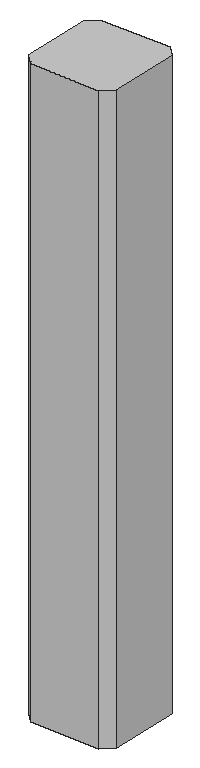
Revit family "b9b07af6693a4b289aad8a9af256db4c", category Columns, Revit 2025
Family settings
  Cut with Voids When Loaded = No
  Automatically joins geometry to walls = Yes
  Shared = No
  Show family pre-cut in plan views = Yes
Parameters (values of type "450x450mm")
  Keynote = "G"
  Depth = 450 mm
  Material = Concrete - Cast-in-Place Concrete
  Offset Base = 0 mm
  Offset Top = 0 mm
  Width = 450 mm
Types (4, lengths in mm): name | Depth | Width
  (no name) | 450 | 450
  450x450mm | 450 | 450
  450x600mm | 600 | 450
  600x600mm | 600 | 600
Reference planes
  plane 1 "Center (Front/Back)": y = 0
  plane 2: z = 0
  plane 3 "Center (Left/Right)": x = 15.208
  plane 4 "Left": x = -209.792
  plane 5 "Right": x = 240.208
  plane 6 "Back": y = 225
  plane 7 "Front": y = -225
  plane 8: z = 3000
  plane 9: z = 0
Forms (mm)
  Extrusion 1, solid, material "Concrete - Cast-in-Place Concrete" <- "Material"
    sketch origin (0, 0, 0) x (1, 0, 0) y (0, 1, 0)
      loop
        line (-158.792, 225) -> (-209.792, 174) -> (-209.792, -174) -> (-158.792, -225) -> (189.208, -225) -> (240.208, -174) -> (240.208, 174) -> (189.208, 225) -> (-158.792, 225)
    from 0 to 3000
Dimensions and locks
  equal spacing: plane 4 "Left", plane 3 "Center (Left/Right)", plane 5 "Right"
  equal spacing: plane 7 "Front", plane 1 "Center (Front/Back)", plane 6 "Back"
  "Width": plane 4 "Left" to plane 5 "Right"
  "Depth": plane 7 "Front" to plane 6 "Back"
  "Offset Top": level to plane 8
  "Offset Base": plane 9 to level
  aligned and locked: Extrusion 1 to plane 9
  aligned and locked: plane 8 to Extrusion 1
Automatic sketch dimensions
  Extrusion 1 sketch curve to plane 4 "Left" = 0 mm
  Extrusion 1 sketch curve to plane 7 "Front" = 0 mm
  Extrusion 1 sketch curve to plane 6 "Back" = 0 mm
  Extrusion 1 sketch curve to plane 5 "Right" = 0 mm
  Extrusion 1 sketch curve to plane 4 "Left" = 51 mm  (x2)
  plane 5 "Right" to Extrusion 1 sketch curve = 51 mm  (x2)
  Extrusion 1 sketch curve to plane 7 "Front" = 51 mm  (x2)
  plane 6 "Back" to Extrusion 1 sketch curve = 51 mm  (x2)
